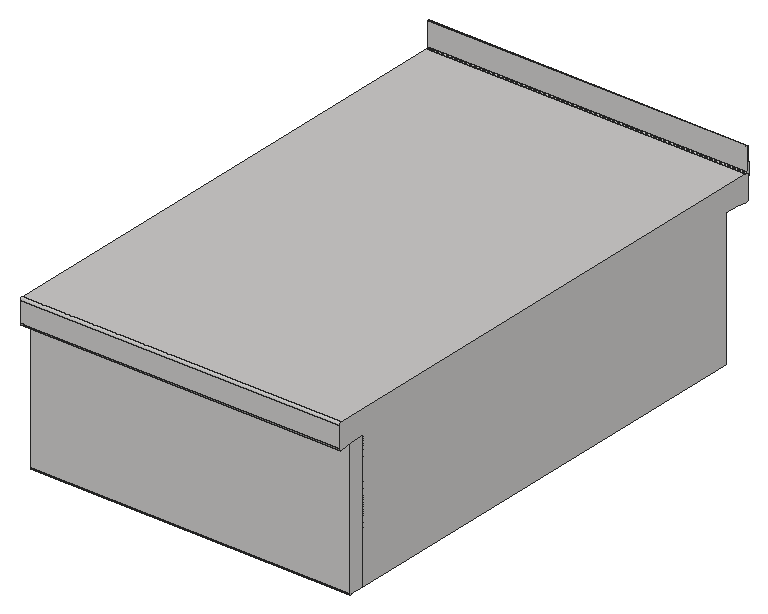
Revit family "QF_ELECTROLUXPROFESSIONAL_588111_MANABBEOOO", category Specialty Equipment, Revit 2018
Family settings
  Round Connector Dimension = Use Diameter
  Part Type = Normal
  Work Plane-Based = No
  Always vertical = Yes
  Cut with Voids When Loaded = No
  Shared = No
  Room Calculation Point = No
Parameters
  Weight in Pounds = 28.66
  URL Cutsheet = "www.electrolux.com/professional"
  URL = "www.electrolux.com/professional"
  Type Mark [instance] = ""
  Status [instance] = ""
  Specification by User [instance] = ""
  Specification by Manufacturer = ""
  Serial Number = ""
  Seismic Rating = ""
  SMACNA No = ""
  Revision Code [instance] = ""
  Omniclass Number and Title = ""
  NAFEM Spec ID Number = ""
  Model = "588111"
  Masterspec = ""
  Manufacturer = "ELECTROLUX"
  Item Number [instance] = ""
  Installed By [instance] = ""
  Identify Quantity as Lot [instance] = yes
  Furnished By [instance] = ""
  Foodservice Equipment Identifier [instance] = yes
  Direct Waste Size = 0"
  Description = "CLOSED WORK TOP,1-S,BACKSPL,500X800X250H"
  CSI MasterFormat = ""
  CSI Master Format = ""
Reference planes
  plane 1 "BACK": y = 0
  plane 2: z = 0
  plane 3 "LEFT": x = 0
  plane 4 "RIGHT": x = 500
  plane 5 "FRONT": y = -800
  plane 6 "TOP": z = 250
  plane 7 "Center Y": x = 250
  plane 8 "Center X": y = -400
  plane 9: z = 288
Forms (mm)
  Extrusion 1, solid, material "QF_Finishes_Stainless Steel"
    sketch origin (0, 50.048, 0) x (0, 1, 0) y (0, 0, 1)
      loop
        line (-95.048, 213) -> (-71.412, 213) -> (-54.743, 210.061)
        arc (-54.743, 210.061) -> (-51.477, 210.936) -> (-50.048, 214) r 4
        line (-50.048, 214) -> (-50.048, 246)
        arc (-50.048, 246) -> (-51.22, 248.828) -> (-54.048, 250) r 4
        line (-54.048, 250) -> (-846.048, 250)
        arc (-846.048, 250) -> (-848.877, 248.828) -> (-850.048, 246) r 4
        line (-850.048, 246) -> (-850.048, 214)
        arc (-850.048, 214) -> (-848.619, 210.936) -> (-845.353, 210.061) r 4
        line (-845.353, 210.061) -> (-828.509, 213) -> (-805.048, 213) -> (-805.048, 0) -> (-95.048, 0) -> (-95.048, 213)
    from 0 to 500
  Extrusion 2, solid, material "QF_Finishes_Stainless Steel"
    sketch origin (0, 50.048, 0) x (0, 1, 0) y (0, 0, 1)
      loop
        arc (-828.048, 213) -> (-829.462, 212.414) -> (-830.048, 211) r 2
        line (-830.048, 211) -> (-830.048, 2)
        arc (-830.048, 2) -> (-829.462, 0.586) -> (-828.048, 0) r 2
        line (-828.048, 0) -> (-805.048, 0) -> (-805.048, 213) -> (-828.048, 213)
    from 0 to 500
  Extrusion 3, solid, material "QF_Finishes_Stainless Steel"
    sketch origin (0, -950.048, 0) x (0, -1, 0) y (0, 0, -1)
      loop
        arc (-948.097, -252.006) -> (-947.511, -250.592) -> (-946.097, -250.006) r 2
        arc (-946.097, -250.006) -> (-948.877, -248.828) -> (-950.048, -246) r 4
        line (-950.048, -246) -> (-950.048, -288.006) -> (-948.097, -288.006) -> (-948.097, -252.006)
    from 0 to 500
Lines and regions (mm)
  symbolic lines
    curve 1: line (0, 0, 0) -> (500, 0, 0)
    curve 2: line (0, -800, 0) -> (0, 0, 0)
    curve 3: line (500, -800, 0) -> (0, -800, 0)
    curve 4: line (500, 0, 0) -> (500, -800, 0)
    curve 5: line (0, -1.951, 0) -> (500, -1.951, 0)
Dimensions and locks
  equal spacing: plane 3 "LEFT", plane 7 "Center Y", plane 4 "RIGHT"
  plane 3 "LEFT" to plane 4 "RIGHT" = 500.00 mm
  equal spacing: plane 5 "FRONT", plane 8 "Center X", plane 1 "BACK"
  plane 5 "FRONT" to plane 1 "BACK" = 800.00 mm
  plane 6 "TOP" to level = 250.00 mm
  plane 9 to level = 288.00 mm
  plane 9 to plane 6 "TOP" = 38.00 mm
  aligned and locked: level to plane 2
  aligned and locked: Extrusion 1 to plane 4 "RIGHT"
  aligned and locked: Extrusion 2 to plane 4 "RIGHT"
  aligned and locked: Extrusion 3 to plane 4 "RIGHT"
Automatic sketch dimensions
  Extrusion 1 sketch curve to plane 5 "FRONT" = 0.00 mm
  Extrusion 1 sketch curve to plane 6 "TOP" = 0.00 mm
  Extrusion 1 sketch curve to level = 0.00 mm
  Extrusion 1 sketch curve to plane 1 "BACK" = 0.00 mm
  Extrusion 1 sketch curve to plane 5 "FRONT" = 4.695 mm
  Extrusion 1 sketch curve to plane 6 "TOP" = 39.939 mm
  Extrusion 1 sketch curve to plane 5 "FRONT" = 4.00 mm  (x2)
  Extrusion 1 sketch curve to Extrusion 1 sketch curve = 16.844 mm
  Extrusion 1 sketch curve to plane 5 "FRONT" = 45.00 mm
  plane 1 "BACK" to Extrusion 1 sketch curve = 45.00 mm
  plane 1 "BACK" to Extrusion 1 sketch curve = 21.364 mm
  plane 1 "BACK" to Extrusion 1 sketch curve = 4.00 mm
  plane 1 "BACK" to Extrusion 1 sketch curve = 4.695 mm
  Extrusion 1 sketch curve to Extrusion 1 sketch curve = 0.00 mm  (x2)
  Extrusion 1 sketch curve to Extrusion 1 sketch curve = 4.00 mm
  Extrusion 1 sketch curve to plane 6 "TOP" = 37.00 mm  (x2)
  Extrusion 1 sketch curve to Extrusion 1 sketch curve = 1.00 mm
  Extrusion 2 sketch curve to level = 0.00 mm
  Extrusion 2 sketch curve to plane 5 "FRONT" = 20.00 mm
  level to Extrusion 2 sketch curve = 2.00 mm
  Extrusion 2 sketch curve to Extrusion 2 sketch curve = 2.00 mm
  Extrusion 2 sketch curve to Extrusion 2 sketch curve = 23.00 mm
  Extrusion 2 sketch curve to plane 6 "TOP" = 39.00 mm
  Extrusion 3 sketch curve to plane 1 "BACK" = 0.00 mm  (x2)
  Extrusion 3 sketch curve to plane 6 "TOP" = 2.006 mm
  Extrusion 3 sketch curve to plane 6 "TOP" = 0.00 mm
  Extrusion 3 sketch curve to plane 9 = 0.006 mm
  Extrusion 3 sketch curve to Extrusion 3 sketch curve = 1.951 mm
  Extrusion 3 sketch curve to Extrusion 3 sketch curve = 2.00 mm
  Extrusion 3 sketch curve to Extrusion 3 sketch curve = 0.049 mm
  Extrusion 3 sketch curve to Extrusion 3 sketch curve = 0.00 mm
  plane 1 "BACK" to curve 1 = 0.00 mm
  curve 1 to plane 3 "LEFT" = 0.00 mm
  curve 1 to plane 4 "RIGHT" = 0.00 mm
  plane 5 "FRONT" to curve 4 = 0.00 mm
  curve 5 to curve 1 = 1.951 mm
